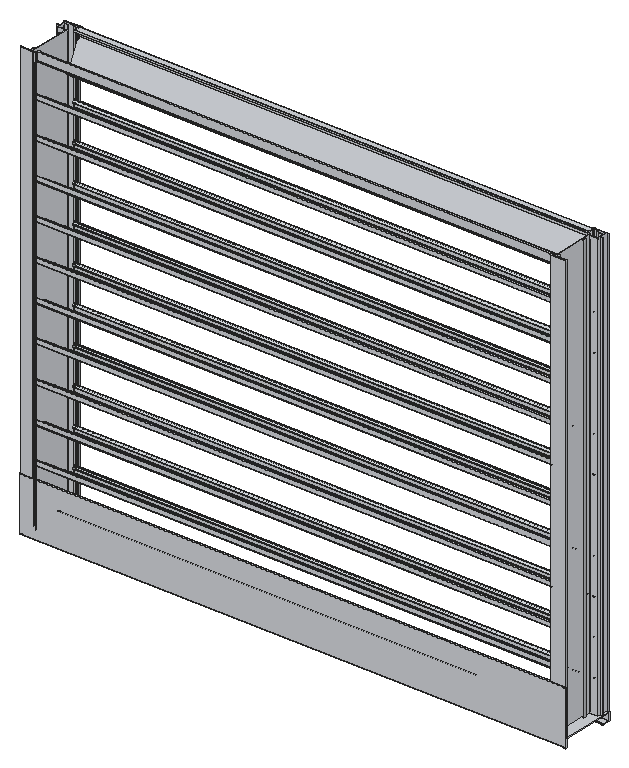
Revit family
Parameters (values of type "00000-Air Balance-020409-Ver1-A635")
  Blade Array = (Height - 5 1/4" - 1 7/16") / 4"  # 10
  URL = "www.airbalance.com"
  OmniClass Table 23 Title = "Exterior Louvers and Grilles"
  OmniClass Table 23 Code = "23-30 60 11 17"
  Model = "A635"
  Manufacturer = "Air Balance"
  Height = 48"
  Description = "Stationary Louver"
  Default Sill Height = 36"
  Wall Closure = (empty or 0)
  Width = 60"
  Blade Width = Width - (1 11/32" * 2)  # 57 5/16"
  Assembly Code = ""
Reference planes (in)
  plane 1 "Center (Front/Back)": y = 0
  plane 2: z = 0
  plane 3 "Center (Left/Right)": x = 0
  plane 4 "Left": x = -30
  plane 5 "Right": x = 30
  plane 6 "Sill": z = 36
  plane 7 "Top": z = 84
  plane 8: z = 79.78188
  plane 9: z = 77.4375
  plane 10: x = -28.666
  plane 11: x = 28.6465
  plane 12: y = 6
  plane 13: y = 5.921
  plane 14: z = 75.78188
Forms (in)
  Sweep 1, solid
    path in 3D
      loop
        line (30, 6, 37) -> (30, 6, 84)
    profile origin (30, 6, 60.5) x (0, 1, 0) y (-1, 0, 0)
      loop
        line (0.033, 1.656) -> (0.033, 1.72)
        arc (0.033, 1.72) -> (0.02421, 1.74121) -> (0.003, 1.75) r 0.03
        line (0.003, 1.75) -> (-0.049, 1.75)
        arc (-0.049, 1.75) -> (-0.07021, 1.74121) -> (-0.079, 1.72) r 0.03
        line (-0.079, 1.72) -> (-0.079, 1.284) -> (-0.168, 1.284)
        arc (-0.168, 1.284) -> (-0.193, 1.259) -> (-0.168, 1.234) r 0.025
        line (-0.168, 1.234) -> (-0.079, 1.234) -> (-0.079, 0.378) -> (-0.355, 0.378) -> (-0.355, 0.7945)
        arc (-0.355, 0.7945) -> (-0.3945, 0.834) -> (-0.434, 0.7945) r 0.0395
        line (-0.434, 0.7945) -> (-0.434, 0.378) -> (-1.162, 0.378) -> (-1.162, 1.284) -> (-1.06, 1.284)
        arc (-1.06, 1.284) -> (-1.035, 1.309) -> (-1.06, 1.334) r 0.025
        line (-1.06, 1.334) -> (-5.866, 1.334) -> (-5.866, 1.684)
        arc (-5.866, 1.684) -> (-5.891, 1.709) -> (-5.916, 1.684) r 0.025
        line (-5.916, 1.684) -> (-5.916, 0.04245)
        arc (-5.916, 0.04245) -> (-5.8765, 0.00295) -> (-5.837, 0.04245) r 0.0395
        line (-5.837, 0.04245) -> (-5.837, 1.255) -> (-5.70713, 1.255)
        arc (-5.70713, 1.255) -> (-5.68264, 1.24317) -> (-5.67691, 1.21658) r 0.031
        arc (-5.67691, 1.21658) -> (-5.59579, 1.05419) -> (-5.42254, 1.10838) r 0.14
        arc (-5.42254, 1.10838) -> (-5.43339, 1.15656) -> (-5.48157, 1.14574) r 0.03493
        arc (-5.48157, 1.14574) -> (-5.60284, 1.14951) -> (-5.54104, 1.25393) r 0.07046
        line (-5.54104, 1.25393) -> (-2.04093, 1.25393)
        arc (-2.04093, 1.25393) -> (-1.97919, 1.1495) -> (-2.10044, 1.14574) r 0.07046
        arc (-2.10044, 1.14574) -> (-2.14862, 1.15656) -> (-2.15946, 1.10839) r 0.03492
        arc (-2.15946, 1.10839) -> (-1.98622, 1.05419) -> (-1.90509, 1.21658) r 0.14
        arc (-1.90509, 1.21658) -> (-1.8994, 1.24312) -> (-1.87499, 1.25501) r 0.031
        line (-1.87499, 1.25501) -> (-1.241, 1.25501) -> (-1.241, 0.33)
        arc (-1.241, 0.33) -> (-1.23192, 0.30808) -> (-1.21, 0.299) r 0.031
        line (-1.21, 0.299) -> (-0.923, 0.299) -> (-0.923, 0.0395)
        arc (-0.923, 0.0395) -> (-0.8835, 0) -> (-0.844, 0.0395) r 0.0395
        line (-0.844, 0.0395) -> (-0.844, 0.299) -> (-0.05, 0.299) -> (-0.05, 0.106)
        arc (-0.05, 0.106) -> (-0.025, 0.081) -> (0, 0.106) r 0.025
        line (0, 0.106) -> (0, 1.469)
        arc (0, 1.469) -> (-0.02051, 1.47749) -> (-0.029, 1.498) r 0.029
        line (-0.029, 1.498) -> (-0.029, 1.656) -> (0.033, 1.656)
  Sweep 2, solid
    path in 3D
      loop
        line (-30, 6, 84) -> (-30, 6, 37)
    profile origin (-30, 6, 60.5) x (1, 0, 0) y (0, 1, 0)
      loop
        line (1.656, 0.033) -> (1.656, -0.029) -> (1.498, -0.029)
        arc (1.498, -0.029) -> (1.47749, -0.02051) -> (1.469, 0) r 0.029
        line (1.469, 0) -> (0.106, 0)
        arc (0.106, 0) -> (0.081, -0.025) -> (0.106, -0.05) r 0.025
        line (0.106, -0.05) -> (0.299, -0.05) -> (0.299, -0.844) -> (0.0395, -0.844)
        arc (0.0395, -0.844) -> (0, -0.8835) -> (0.0395, -0.923) r 0.0395
        line (0.0395, -0.923) -> (0.299, -0.923) -> (0.299, -1.21)
        arc (0.299, -1.21) -> (0.30808, -1.23192) -> (0.33, -1.241) r 0.031
        line (0.33, -1.241) -> (1.25501, -1.241) -> (1.25501, -1.87499)
        arc (1.25501, -1.87499) -> (1.24312, -1.8994) -> (1.21658, -1.90509) r 0.031
        arc (1.21658, -1.90509) -> (1.05419, -1.98622) -> (1.10839, -2.15946) r 0.14
        arc (1.10839, -2.15946) -> (1.15656, -2.14862) -> (1.14574, -2.10044) r 0.03492
        arc (1.14574, -2.10044) -> (1.1495, -1.97919) -> (1.25393, -2.04093) r 0.07046
        line (1.25393, -2.04093) -> (1.25393, -5.54104)
        arc (1.25393, -5.54104) -> (1.14951, -5.60284) -> (1.14574, -5.48157) r 0.07046
        arc (1.14574, -5.48157) -> (1.15656, -5.43339) -> (1.10838, -5.42254) r 0.03493
        arc (1.10838, -5.42254) -> (1.05419, -5.59579) -> (1.21658, -5.67691) r 0.14
        arc (1.21658, -5.67691) -> (1.24317, -5.68264) -> (1.255, -5.70713) r 0.031
        line (1.255, -5.70713) -> (1.255, -5.837) -> (0.04245, -5.837)
        arc (0.04245, -5.837) -> (0.00295, -5.8765) -> (0.04245, -5.916) r 0.0395
        line (0.04245, -5.916) -> (1.684, -5.916)
        arc (1.684, -5.916) -> (1.709, -5.891) -> (1.684, -5.866) r 0.025
        line (1.684, -5.866) -> (1.334, -5.866) -> (1.334, -1.06)
        arc (1.334, -1.06) -> (1.309, -1.035) -> (1.284, -1.06) r 0.025
        line (1.284, -1.06) -> (1.284, -1.162) -> (0.378, -1.162) -> (0.378, -0.434) -> (0.7945, -0.434)
        arc (0.7945, -0.434) -> (0.834, -0.3945) -> (0.7945, -0.355) r 0.0395
        line (0.7945, -0.355) -> (0.378, -0.355) -> (0.378, -0.079) -> (1.234, -0.079) -> (1.234, -0.168)
        arc (1.234, -0.168) -> (1.259, -0.193) -> (1.284, -0.168) r 0.025
        line (1.284, -0.168) -> (1.284, -0.079) -> (1.72, -0.079)
        arc (1.72, -0.079) -> (1.74121, -0.07021) -> (1.75, -0.049) r 0.03
        line (1.75, -0.049) -> (1.75, 0.003)
        arc (1.75, 0.003) -> (1.74121, 0.02421) -> (1.72, 0.033) r 0.03
        line (1.72, 0.033) -> (1.656, 0.033)
  Sweep 3, solid
    path in 3D
      loop
        line (28.25, 6, 84) -> (-28.25, 6, 84)
    profile origin (0, 6, 84) x (0, 1, 0) y (0, 0, -1)
      loop
        line (-1.62023, 2.91032) -> (-4.34985, 0.99902)
        arc (-4.34985, 0.99902) -> (-4.45951, 1.04806) -> (-4.36447, 1.12154) r 0.07
        arc (-4.36447, 1.12154) -> (-4.31905, 1.14114) -> (-4.3386, 1.18658) r 0.035
        arc (-4.3386, 1.18658) -> (-4.48113, 1.16264) -> (-4.52654, 1.02543) r 0.14
        arc (-4.52654, 1.02543) -> (-4.53275, 0.99839) -> (-4.55775, 0.98636) r 0.032
        line (-4.55775, 0.98636) -> (-5.654, 0.98636)
        arc (-5.654, 0.98636) -> (-5.67521, 0.97757) -> (-5.684, 0.95636) r 0.03
        line (-5.684, 0.95636) -> (-5.684, 0.02486)
        arc (-5.684, 0.02486) -> (-5.6455, -0.01364) -> (-5.607, 0.02486) r 0.0385
        line (-5.607, 0.02486) -> (-5.607, 0.90936) -> (-4.34365, 0.90936) -> (-1.09936, 3.18104) -> (-0.044, 0.95968) -> (-0.044, 0.17097) -> (-0.802, 0.17097) -> (-0.802, 0.025)
        arc (-0.802, 0.025) -> (-0.79468, 0.00732) -> (-0.777, 0) r 0.025
        arc (-0.777, 0) -> (-0.75932, 0.00732) -> (-0.752, 0.025) r 0.025
        line (-0.752, 0.025) -> (-0.752, 0.081) -> (0.003, 0.081)
        arc (0.003, 0.081) -> (0.02421, 0.08979) -> (0.033, 0.111) r 0.03
        line (0.033, 0.111) -> (0.033, 0.97704) -> (-1.39436, 3.98142) -> (-0.044, 5.07493) -> (-0.044, 4.02486)
        arc (-0.044, 4.02486) -> (-0.0055, 3.98571) -> (0.033, 4.02486) r 0.03851
        line (0.033, 4.02486) -> (0.033, 5.23636) -> (-1.42757, 4.05361)
        arc (-1.42757, 4.05361) -> (-1.44405, 4.04669) -> (-1.46166, 4.04968) r 0.032
        arc (-1.46166, 4.04968) -> (-1.65498, 3.96949) -> (-1.55264, 3.78692) r 0.14
        arc (-1.55264, 3.78692) -> (-1.51096, 3.81362) -> (-1.53766, 3.8553) r 0.035
        arc (-1.53766, 3.8553) -> (-1.58548, 3.95459) -> (-1.47763, 3.97726) r 0.07
        line (-1.47763, 3.97726) -> (-1.13287, 3.25158) -> (-1.48296, 3.00644)
        arc (-1.48296, 3.00644) -> (-1.59249, 3.05572) -> (-1.49735, 3.12902) r 0.07
        arc (-1.49735, 3.12902) -> (-1.45197, 3.14878) -> (-1.47173, 3.19416) r 0.035
        arc (-1.47173, 3.19416) -> (-1.64188, 3.13776) -> (-1.61707, 2.96023) r 0.14
        arc (-1.61707, 2.96023) -> (-1.60665, 2.93451) -> (-1.62023, 2.91032) r 0.032
  Sweep 4, solid
    path in 3D
      loop
        line (-30, 6, 36) -> (30, 6, 36)
    profile origin (0, 6, 36) x (0, 1, 0) y (0, 0, 1)
      loop
        line (-5.866, 1) -> (-5.866, 5.94952)
        arc (-5.866, 5.94952) -> (-5.9165, 6.00002) -> (-5.967, 5.94952) r 0.0505
        line (-5.967, 5.94952) -> (-5.967, 0.03)
        arc (-5.967, 0.03) -> (-5.95821, 0.00879) -> (-5.937, 0) r 0.03
        line (-5.937, 0) -> (-5.83, 0)
        arc (-5.83, 0) -> (-5.805, 0.025) -> (-5.83, 0.05) r 0.025
        line (-5.83, 0.05) -> (-5.888, 0.05) -> (-5.888, 0.921) -> (-0.044, 0.921) -> (-0.044, 0.158) -> (-0.763, 0.158)
        arc (-0.763, 0.158) -> (-0.78492, 0.14892) -> (-0.794, 0.127) r 0.031
        line (-0.794, 0.127) -> (-0.794, 0.0385)
        arc (-0.794, 0.0385) -> (-0.7555, 0) -> (-0.717, 0.0385) r 0.0385
        line (-0.717, 0.0385) -> (-0.717, 0.081) -> (0.003, 0.081)
        arc (0.003, 0.081) -> (0.02421, 0.08979) -> (0.033, 0.111) r 0.03
        line (0.033, 0.111) -> (0.033, 0.97)
        arc (0.033, 0.97) -> (0.02421, 0.99121) -> (0.003, 1) r 0.03
        line (0.003, 1) -> (-5.866, 1)
Lines and regions (in)
  Opening 1
    outline origin (-60, -6, 0) x (1, 0, 0) y (0, 0, 1)
      loop
        line (30, 84) -> (30, 36) -> (90, 36) -> (90, 84) -> (30, 84)
  sketch lines
    curve 1: line (30, 6, 37) -> (30, 6, 84)
    curve 2: line (-30, 6, 84) -> (-30, 6, 37)
    curve 3: line (28.25, 6, 84) -> (-28.25, 6, 84)
    curve 4: line (-30, 6, 36) -> (30, 6, 36)
Text (in)
  text "EXTERIOR" at (-58.6888, 50.90694, 0), in view "Ref. Level"
  text "INTERIOR" at (-58.6888, -37.76638, 0), in view "Ref. Level"
  text "Exterior" at (0, 43.65631, 123.19604), in view "Left"
  text "Exterior" at (0, 5.46493, 65.47413), in view "Right"
Dimensions and locks (in)
  equal spacing: plane 4 "Left", plane 3 "Center (Left/Right)", plane 5 "Right"
  "Width": plane 4 "Left" to plane 5 "Right"
  locked: plane 9 to plane 7 "Top" at 6.5625
  "Blade Width": plane 10 to plane 11
  locked: plane 4 "Left" to plane 10 at 1.334
  plane 11 to plane 5 "Right" = 1.3535"
  host wall to plane 12 = 0"
  locked: plane 13 to plane 12 at 0.079
  "Height": plane 6 "Sill" to plane 7 "Top"
  equal spacing: group 1, group 2, group 3, group 4, group 5, group 6, group 7, group 8, group 9, group 10  (x2)
  equal spacing: group 10, group 9, group 8, group 7, group 6, group 5, group 4, group 3, group 2, group 1
  plane 14 to plane 8 to plane 7 "Top" = 4" locked, 4.21812" locked
  aligned and locked: plane 7 "Top" to Opening 1 sketch curve
  aligned and locked: plane 6 "Sill" to Opening 1 sketch curve  (x2)
  aligned and locked: plane 5 "Right" to Opening 1 sketch curve
  aligned and locked: plane 4 "Left" to Opening 1 sketch curve
  aligned and locked: plane 12 to host wall
  aligned and locked: plane 7 "Top" to Sweep 1
  aligned and locked: plane 8 to nested 1
  aligned and locked: plane 14 to nested 1
  aligned and locked: plane 14 to nested 2
  aligned and locked: nested 1 to plane 13
  aligned and locked: plane 13 to nested 2
Automatic sketch dimensions
  Sweep 1 sketch curve to profile plane = 0"  (x2)
  Sweep 1 sketch curve to Sweep 1 sketch curve = 0.025"  (x3)
  profile plane to Sweep 1 sketch curve = 0.029"
  profile plane to Sweep 1 sketch curve = 0.049"
  profile plane to Sweep 1 sketch curve = 0.079"  (x2)
  Sweep 1 sketch curve to Sweep 1 sketch curve = 0.089"
  profile plane to Sweep 1 sketch curve = 0.355"
  Sweep 1 sketch curve to Sweep 1 sketch curve = 0.0395"  (x3)
  profile plane to Sweep 1 sketch curve = 0.0395"
  Sweep 1 sketch curve to Sweep 1 sketch curve = 0.41"
  Sweep 1 sketch curve to Sweep 1 sketch curve = 0.626"
  Sweep 1 sketch curve to Sweep 1 sketch curve = 0.239"
  Sweep 1 sketch curve to Sweep 1 sketch curve = 0.048"  (x2)
  Sweep 1 sketch curve to Sweep 1 sketch curve = 0.079"  (x2)
  Sweep 1 sketch curve to Sweep 1 sketch curve = 0.63399"
  Sweep 1 sketch curve to Sweep 1 sketch curve = 0.0301"  (x2)
  Sweep 1 sketch curve to Sweep 1 sketch curve = 0"  (x4)
  Sweep 1 sketch curve to Sweep 1 sketch curve = 0.13584"
  Sweep 1 sketch curve to Sweep 1 sketch curve = 0.00008"
  Sweep 1 sketch curve to Sweep 1 sketch curve = 0.05943"
  Sweep 1 sketch curve to Sweep 1 sketch curve = 0.0295"  (x2)
  Sweep 1 sketch curve to Sweep 1 sketch curve = 0.02952"
  profile plane to Sweep 1 sketch curve = 1.10838"
  Sweep 1 sketch curve to Sweep 1 sketch curve = 3.26308"
  Sweep 1 sketch curve to Sweep 1 sketch curve = 0.02953"
  Sweep 1 sketch curve to Sweep 1 sketch curve = 0.05942"
  Sweep 1 sketch curve to Sweep 1 sketch curve = 0.00006"
  Sweep 1 sketch curve to Sweep 1 sketch curve = 0.0001"
  Sweep 1 sketch curve to Sweep 1 sketch curve = 0.13582"
  Sweep 1 sketch curve to Sweep 1 sketch curve = 0.00012"
  profile plane to Sweep 1 sketch curve = 0.04245"
  Sweep 1 sketch curve to Sweep 1 sketch curve = 0.41446"
  Sweep 1 sketch curve to Sweep 1 sketch curve = 0.029"  (x2)
  Sweep 1 sketch curve to profile plane = 0.003"
  Sweep 1 sketch curve to Sweep 1 sketch curve = 0.03"
  profile plane to Sweep 1 sketch curve = 0.106"
  profile plane to Sweep 1 sketch curve = 0.299"
  Sweep 1 sketch curve to Sweep 1 sketch curve = 0.193"
  Sweep 1 sketch curve to Sweep 1 sketch curve = 0.4165"
  profile plane to Sweep 1 sketch curve = 1.10839"
  Sweep 1 sketch curve to Sweep 1 sketch curve = 0.01866"
  Sweep 1 sketch curve to Sweep 1 sketch curve = 0.00044"  (x2)
  Sweep 1 sketch curve to Sweep 1 sketch curve = 0.4395"
  Sweep 1 sketch curve to Sweep 1 sketch curve = 0.185"
  Sweep 1 sketch curve to Sweep 1 sketch curve = 0.158"
  Sweep 1 sketch curve to Sweep 1 sketch curve = 0.35"
  Sweep 1 sketch curve to Sweep 1 sketch curve = 0.064"
  Sweep 2 sketch curve to profile plane = 0"
  profile plane to Sweep 2 sketch curve = 0.0395"
  profile plane to Sweep 2 sketch curve = 0.04245"
  profile plane to Sweep 2 sketch curve = 0.106"
  profile plane to Sweep 2 sketch curve = 0.299"
  profile plane to Sweep 2 sketch curve = 0.05"
  Sweep 2 sketch curve to Sweep 2 sketch curve = 0.193"
  Sweep 2 sketch curve to Sweep 2 sketch curve = 0.031"  (x3)
  Sweep 2 sketch curve to Sweep 2 sketch curve = 0.048"  (x2)
  Sweep 2 sketch curve to Sweep 2 sketch curve = 0.079"
  Sweep 2 sketch curve to Sweep 2 sketch curve = 0.4165"
  profile plane to Sweep 2 sketch curve = 1.10838"
  profile plane to Sweep 2 sketch curve = 1.10839"
  Sweep 2 sketch curve to Sweep 2 sketch curve = 0.01866"  (x2)
  Sweep 2 sketch curve to Sweep 2 sketch curve = 0.0187"  (x2)
  Sweep 2 sketch curve to Sweep 2 sketch curve = 0"  (x5)
  Sweep 2 sketch curve to Sweep 2 sketch curve = 0.03728"  (x2)
  Sweep 2 sketch curve to Sweep 2 sketch curve = 0.00044"  (x2)
  Sweep 2 sketch curve to Sweep 2 sketch curve = 0.03312"
  Sweep 2 sketch curve to Sweep 2 sketch curve = 0.03311"
  Sweep 2 sketch curve to Sweep 2 sketch curve = 0.00743"  (x2)
  profile plane to Sweep 2 sketch curve = 0.168"
  Sweep 2 sketch curve to Sweep 2 sketch curve = 0.4395"
  Sweep 2 sketch curve to Sweep 2 sketch curve = 0.07046"
  Sweep 2 sketch curve to Sweep 2 sketch curve = 0.025"  (x2)
  Sweep 2 sketch curve to Sweep 2 sketch curve = 0.029"  (x3)
  Sweep 2 sketch curve to Sweep 2 sketch curve = 0.185"
  profile plane to Sweep 2 sketch curve = 0.029"
  Sweep 2 sketch curve to Sweep 2 sketch curve = 0.158"
  Sweep 2 sketch curve to Sweep 2 sketch curve = 0.35"
  Sweep 2 sketch curve to Sweep 2 sketch curve = 0.064"  (x2)
  Sweep 2 sketch curve to Sweep 2 sketch curve = 0.03"
  profile plane to Sweep 2 sketch curve = 0.355"
  Sweep 2 sketch curve to Sweep 2 sketch curve = 0.0395"  (x3)
  Sweep 2 sketch curve to Sweep 2 sketch curve = 0.41"
  Sweep 2 sketch curve to Sweep 2 sketch curve = 0.626"
  Sweep 2 sketch curve to Sweep 2 sketch curve = 0.239"
  Sweep 2 sketch curve to Sweep 2 sketch curve = 0.63399"
  Sweep 2 sketch curve to Sweep 2 sketch curve = 3.26308"
  Sweep 2 sketch curve to Sweep 2 sketch curve = 0.02953"
  Sweep 2 sketch curve to Sweep 2 sketch curve = 0.0001"
  Sweep 2 sketch curve to Sweep 2 sketch curve = 0.41446"
  profile plane to Sweep 2 sketch curve = 0.079"
  Sweep 2 sketch curve to profile plane = 0.003"
  Sweep 3 sketch curve to Sweep 3 sketch curve = 0"  (x13)
  Sweep 3 sketch curve to profile plane = 0"
  profile plane to Sweep 3 sketch curve = 0.02486"
  profile plane to Sweep 3 sketch curve = 5.684"
  Sweep 3 sketch curve to Sweep 3 sketch curve = 0.03"
  Sweep 3 sketch curve to Sweep 3 sketch curve = 0.0385"
  Sweep 3 sketch curve to Sweep 3 sketch curve = 1.04925"
  Sweep 3 sketch curve to Sweep 3 sketch curve = 0.03121"
  Sweep 3 sketch curve to Sweep 3 sketch curve = 0.13654"
  Sweep 3 sketch curve to Sweep 3 sketch curve = 0.02553"
  Sweep 3 sketch curve to Sweep 3 sketch curve = 0.0129"
  Sweep 3 sketch curve to Sweep 3 sketch curve = 0.04015"
  Sweep 3 sketch curve to Sweep 3 sketch curve = 0.0062"
  Sweep 3 sketch curve to Sweep 3 sketch curve = 0.01297"
  profile plane to Sweep 3 sketch curve = 1.63859"
  Sweep 3 sketch curve to Sweep 3 sketch curve = 0.01835"
  Sweep 3 sketch curve to Sweep 3 sketch curve = 0.02151"
  Sweep 3 sketch curve to Sweep 3 sketch curve = 0.06443"
  Sweep 3 sketch curve to Sweep 3 sketch curve = 0.00749"  (x2)
  Sweep 3 sketch curve to Sweep 3 sketch curve = 0.09411"
  Sweep 3 sketch curve to Sweep 3 sketch curve = 0.01497"
  Sweep 3 sketch curve to Sweep 3 sketch curve = 0.02562"
  Sweep 3 sketch curve to Sweep 3 sketch curve = 0.01281"  (x2)
  Sweep 3 sketch curve to Sweep 3 sketch curve = 0.04001"
  Sweep 3 sketch curve to Sweep 3 sketch curve = 0.04505"
  Sweep 3 sketch curve to Sweep 3 sketch curve = 0.01597"
  Sweep 3 sketch curve to Sweep 3 sketch curve = 0.01395"
  Sweep 3 sketch curve to Sweep 3 sketch curve = 0.02014"
  Sweep 3 sketch curve to Sweep 3 sketch curve = 0.03321"
  Sweep 3 sketch curve to Sweep 3 sketch curve = 0.33886"
  Sweep 3 sketch curve to Sweep 3 sketch curve = 0.03351"
  profile plane to Sweep 3 sketch curve = 0.025"
  profile plane to Sweep 3 sketch curve = 0.802"
  profile plane to Sweep 3 sketch curve = 0.044"  (x2)
  profile plane to Sweep 3 sketch curve = 0.0055"
  Sweep 3 sketch curve to profile plane = 0.003"
  Sweep 3 sketch curve to profile plane = 0.033"  (x2)
  profile plane to Sweep 3 sketch curve = 0.081"
  Sweep 3 sketch curve to Sweep 3 sketch curve = 0.05997"
  Sweep 3 sketch curve to Sweep 3 sketch curve = 0.8845"
  Sweep 3 sketch curve to Sweep 3 sketch curve = 0.047"
  Sweep 3 sketch curve to Sweep 3 sketch curve = 0.78871"
  Sweep 3 sketch curve to Sweep 3 sketch curve = 0.01736"
  Sweep 3 sketch curve to Sweep 3 sketch curve = 0.08966"
  Sweep 3 sketch curve to Sweep 3 sketch curve = 0.032"
  Sweep 3 sketch curve to Sweep 3 sketch curve = 1.95064"
  Sweep 3 sketch curve to Sweep 3 sketch curve = 0.02621"
  Sweep 3 sketch curve to Sweep 3 sketch curve = 0.01312"
  Sweep 3 sketch curve to Sweep 3 sketch curve = 0.07054"
  Sweep 3 sketch curve to Sweep 3 sketch curve = 0.59276"
  Sweep 3 sketch curve to Sweep 3 sketch curve = 0.03419"
  Sweep 3 sketch curve to Sweep 3 sketch curve = 0.07219"
  Sweep 3 sketch curve to Sweep 3 sketch curve = 0.77264"
  Sweep 3 sketch curve to Sweep 3 sketch curve = 0.00064"
  Sweep 3 sketch curve to Sweep 3 sketch curve = 1.05007"
  Sweep 3 sketch curve to Sweep 3 sketch curve = 0.16143"
  profile plane to Sweep 4 sketch curve = 0.03"
  profile plane to Sweep 4 sketch curve = 5.967"
  Sweep 4 sketch curve to profile plane = 0"
  Sweep 4 sketch curve to Sweep 4 sketch curve = 0.0505"
  Sweep 4 sketch curve to Sweep 4 sketch curve = 0.022"
  Sweep 4 sketch curve to Sweep 4 sketch curve = 0.058"
  profile plane to Sweep 4 sketch curve = 0.127"
  profile plane to Sweep 4 sketch curve = 0.794"
  Sweep 4 sketch curve to Sweep 4 sketch curve = 0.031"
  Sweep 4 sketch curve to Sweep 4 sketch curve = 0.0385"
  profile plane to Sweep 4 sketch curve = 0.044"
  Sweep 4 sketch curve to profile plane = 0.003"  (x2)
  Sweep 4 sketch curve to Sweep 4 sketch curve = 0.03"
  profile plane to Sweep 4 sketch curve = 0.025"
  profile plane to Sweep 4 sketch curve = 0.0385"
  profile plane to Sweep 4 sketch curve = 0.081"
  Sweep 4 sketch curve to Sweep 4 sketch curve = 0.763"
  Sweep 4 sketch curve to Sweep 4 sketch curve = 0.049"
  Sweep 4 sketch curve to Sweep 4 sketch curve = 4.94952"
Nested families (in)
  nested 1: "A320 LOUVER" at (0, 5.921, 75.78188), width <- "Blade Width", type "Family3"
    with width 57 5/16", Blade Material none
  nested 2: "A320 LOUVER" at (0, 5.921, 71.78188), width <- "Blade Width", type "Family3"
    with width 57 5/16", Blade Material none
  nested 3: "A320 LOUVER" at (0, 5.921, 67.78188), width <- "Blade Width", type "Family3"
    with width 57 5/16", Blade Material none
  nested 4: "A320 LOUVER" at (0, 5.921, 63.78188), width <- "Blade Width", type "Family3"
    with width 57 5/16", Blade Material none
  nested 5: "A320 LOUVER" at (0, 5.921, 59.78188), width <- "Blade Width", type "Family3"
    with width 57 5/16", Blade Material none
  nested 6: "A320 LOUVER" at (0, 5.921, 55.78188), width <- "Blade Width", type "Family3"
    with width 57 5/16", Blade Material none
  nested 7: "A320 LOUVER" at (0, 5.921, 51.78188), width <- "Blade Width", type "Family3"
    with width 57 5/16", Blade Material none
  nested 8: "A320 LOUVER" at (0, 5.921, 47.78188), width <- "Blade Width", type "Family3"
    with width 57 5/16", Blade Material none
  nested 9: "A320 LOUVER" at (0, 5.921, 43.78188), width <- "Blade Width", type "Family3"
    with width 57 5/16", Blade Material none
  nested 10: "A320 LOUVER" at (0, 5.921, 39.78188), width <- "Blade Width", type "Family3"
    with width 57 5/16", Blade Material none
Definition of nested family "A320 LOUVER"
  Parameters (values of type "Family3")
    width [instance] = 34 1/4"
    Blade Material [instance] = none
    Blade Bidth = 34 1/4"
    Assembly Code = ""
  Reference planes (in)
    plane 1 "Center (Front/Back)": y = 0
    plane 2: z = 0
    plane 3 "Center (Left/Right)": x = 0
    plane 4: x = -17.125
    plane 5: x = 17.125
    plane 6: z = 4
    plane 7: y = -5.717
    plane 8: z = 1.65562
    plane 9: x = -17.125
    plane 10: x = 17.125
    plane 11: z = 0
  Forms (in)
    Extrusion 1, solid, material <- "Blade Material"
      sketch origin (0, -2.41431, -71.76604) x (0, 1, 0) y (0, 0, 1)
        loop
          line (-0.16027, 73.56877) -> (0.7779, 72.91186)
          arc (0.7779, 72.91186) -> (0.79151, 72.88719) -> (0.78034, 72.86132) r 0.032
          arc (0.78034, 72.86132) -> (0.7572, 72.70548) -> (0.90836, 72.66104) r 0.12
          arc (0.90836, 72.66104) -> (0.92065, 72.69419) -> (0.8875, 72.70648) r 0.025
          arc (0.8875, 72.70648) -> (0.78858, 72.77625) -> (0.89819, 72.82763) r 0.07
          line (0.89819, 72.82763) -> (2.41431, 71.76604) -> (2.41431, 72.64204)
          arc (2.41431, 72.64204) -> (2.381, 72.697) -> (2.31686, 72.6929) r 0.062
          line (2.31686, 72.6929) -> (2.08001, 72.52706)
          arc (2.08001, 72.52706) -> (2.07412, 72.49363) -> (2.10754, 72.48774) r 0.024
          line (2.10754, 72.48774) -> (2.3137, 72.6321)
          arc (2.3137, 72.6321) -> (2.32923, 72.63311) -> (2.33731, 72.61981) r 0.015
          line (2.33731, 72.61981) -> (2.33731, 71.94277)
          arc (2.33731, 71.94277) -> (2.32923, 71.92946) -> (2.3137, 71.93048) r 0.015
          line (2.3137, 71.93048) -> (-1.94554, 74.91284) -> (-3.22569, 75.25802) -> (-3.22569, 75.72754)
          arc (-3.22569, 75.72754) -> (-3.26419, 75.76604) -> (-3.30269, 75.72754) r 0.0385
          line (-3.30269, 75.72754) -> (-3.30269, 75.22278)
          arc (-3.30269, 75.22278) -> (-3.2963, 75.20393) -> (-3.27976, 75.19285) r 0.031
          line (-3.27976, 75.19285) -> (-1.9905, 74.84521)
          arc (-1.9905, 74.84521) -> (-1.96841, 74.7204) -> (-2.0785, 74.78322) r 0.07
          arc (-2.0785, 74.78322) -> (-2.10134, 74.81025) -> (-2.12833, 74.78736) r 0.025
          arc (-2.12833, 74.78736) -> (-2.03488, 74.6605) -> (-1.89634, 74.73555) r 0.12
          arc (-1.89634, 74.73555) -> (-1.87586, 74.7549) -> (-1.84802, 74.75055) r 0.032
          line (-1.84802, 74.75055) -> (-0.72712, 73.96569)
          arc (-0.72712, 73.96569) -> (-0.70121, 73.92502) -> (-0.71165, 73.87794) r 0.063
          line (-0.71165, 73.87794) -> (-0.67551, 73.92955) -> (-0.21187, 73.60491) -> (-0.24801, 73.5533)
          arc (-0.24801, 73.5533) -> (-0.20734, 73.57921) -> (-0.16027, 73.56877) r 0.063
      from -17.125 to 17.125
  Dimensions and locks (in)
    equal spacing: plane 4, plane 3 "Center (Left/Right)", plane 5
    "width": plane 4 to plane 5
    "Blade Bidth": plane 9 to plane 10
    aligned and locked: plane 4 to Extrusion 1
    aligned and locked: plane 5 to Extrusion 1
    aligned: plane 11 to level
  Automatic sketch dimensions
    Extrusion 1 sketch curve to Extrusion 1 sketch curve = 0"  (x12)
    plane 1 "Center (Front/Back)" to Extrusion 1 sketch curve = 3.08982"
    Extrusion 1 sketch curve to Extrusion 1 sketch curve = 0.03613"
    Extrusion 1 sketch curve to Extrusion 1 sketch curve = 0.05161"  (x5)
    Extrusion 1 sketch curve to Extrusion 1 sketch curve = 0.03614"  (x4)
    Extrusion 1 sketch curve to Extrusion 1 sketch curve = 1.1209"
    Extrusion 1 sketch curve to Extrusion 1 sketch curve = 0.01835"  (x2)
    Extrusion 1 sketch curve to Extrusion 1 sketch curve = 0.02997"
    Extrusion 1 sketch curve to Extrusion 1 sketch curve = 0.04496"
    Extrusion 1 sketch curve to Extrusion 1 sketch curve = 0.01822"
    Extrusion 1 sketch curve to Extrusion 1 sketch curve = 0.06978"
    Extrusion 1 sketch curve to Extrusion 1 sketch curve = 0.02491"
    Extrusion 1 sketch curve to Extrusion 1 sketch curve = 1.09736"
    Extrusion 1 sketch curve to Extrusion 1 sketch curve = 0.0385"
    Extrusion 1 sketch curve to Extrusion 1 sketch curve = 0.046"
    Extrusion 1 sketch curve to Extrusion 1 sketch curve = 0.00807"
    Extrusion 1 sketch curve to Extrusion 1 sketch curve = 0.031"
    plane 1 "Center (Front/Back)" to Extrusion 1 sketch curve = 2.66232"
    Extrusion 1 sketch curve to Extrusion 1 sketch curve = 0.02079"
    Extrusion 1 sketch curve to Extrusion 1 sketch curve = 0.01043"  (x2)
    Extrusion 1 sketch curve to Extrusion 1 sketch curve = 0.01377"  (x2)
    Extrusion 1 sketch curve to Extrusion 1 sketch curve = 0.20616"  (x2)
    Extrusion 1 sketch curve to Extrusion 1 sketch curve = 0.00316"
    Extrusion 1 sketch curve to Extrusion 1 sketch curve = 0.0086"  (x2)
    Extrusion 1 sketch curve to Extrusion 1 sketch curve = 0.015"  (x2)
    Extrusion 1 sketch curve to Extrusion 1 sketch curve = 0.062"
    Extrusion 1 sketch curve to Extrusion 1 sketch curve = 0.03369"
    Extrusion 1 sketch curve to Extrusion 1 sketch curve = 0.00994"
    Extrusion 1 sketch curve to Extrusion 1 sketch curve = 0.10504"
    Extrusion 1 sketch curve to Extrusion 1 sketch curve = 0.01966"
    Extrusion 1 sketch curve to Extrusion 1 sketch curve = 0.54497"
    Extrusion 1 sketch curve to Extrusion 1 sketch curve = 0.16444"
    Extrusion 1 sketch curve to Extrusion 1 sketch curve = 0.63152"
    Extrusion 1 sketch curve to Extrusion 1 sketch curve = 0.32464"
    Extrusion 1 sketch curve to Extrusion 1 sketch curve = 0.81026"
    Extrusion 1 sketch curve to Extrusion 1 sketch curve = 0.01122"
    Extrusion 1 sketch curve to Extrusion 1 sketch curve = 0.00414"
    Extrusion 1 sketch curve to Extrusion 1 sketch curve = 0.00203"
    Extrusion 1 sketch curve to Extrusion 1 sketch curve = 0.06763"
    Extrusion 1 sketch curve to Extrusion 1 sketch curve = 0.40549"
    Extrusion 1 sketch curve to Extrusion 1 sketch curve = 0.03524"
    Extrusion 1 sketch curve to Extrusion 1 sketch curve = 0.46951"
    Extrusion 1 sketch curve to Extrusion 1 sketch curve = 0.0492"
    plane 1 "Center (Front/Back)" to Extrusion 1 sketch curve = 1.65476"
    Extrusion 1 sketch curve to Extrusion 1 sketch curve = 0.07797"
    Extrusion 1 sketch curve to Extrusion 1 sketch curve = 0.0292"
    Extrusion 1 sketch curve to Extrusion 1 sketch curve = 1.17165"
    level to Extrusion 1 sketch curve = 0"
    Extrusion 1 sketch curve to Extrusion 1 sketch curve = 0.13398"
